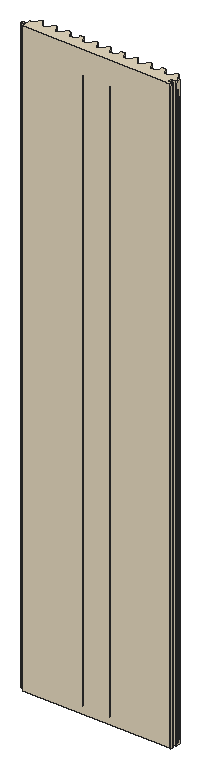
Revit family "HOB_GEN_Symphony_Tempo_10", category Generic Models, Revit 2026
Family settings
  Can host rebar = No
  Round Connector Dimension = Use Diameter
  Part Type = Normal
  Work Plane-Based = No
  Always vertical = Yes
  Cut with Voids When Loaded = No
  Maintain Annotation Orientation = No
  Shared = Yes
  Room Calculation Point = No
Parameters
  SectionArea = 0.002 m²  # constant formula
  Length [instance] = 557.974 mm
  Default Elevation = 0 mm
  BambooVolume [instance] = Length * SectionArea  # 0.00111595 m³
  Bamboo = Bamboo_horizontalGrain
Reference planes
  plane 1 "Center (Front/Back)": y = 0
  plane 2: z = 0
  plane 3 "Center (Left/Right)": x = 0
  plane 4: x = 143.165
  plane 5: y = 15
  plane 6: z = 557.974
Forms (mm)
  Extrusion 1, solid, material "Bamboo_horizontalGrain" <- "Bamboo"
    sketch origin (-141.352, -84.195, 0) x (1, 0, 0) y (0, 1, 0)
      loop
        arc (283.852, 84.195) -> (284.206, 84.341) -> (284.352, 84.695) r 0.5
        line (284.352, 84.695) -> (284.352, 86.195)
        arc (284.352, 86.195) -> (284.206, 86.549) -> (283.852, 86.695) r 0.5
        line (283.852, 86.695) -> (280.852, 86.695)
        arc (280.852, 86.695) -> (280.498, 86.841) -> (280.352, 87.195) r 0.5
        line (280.352, 87.195) -> (280.352, 89.695)
        arc (280.352, 89.695) -> (280.498, 90.049) -> (280.852, 90.195) r 0.5
        line (280.852, 90.195) -> (284.852, 90.195)
        arc (284.852, 90.195) -> (285.206, 90.341) -> (285.352, 90.695) r 0.5
        line (285.352, 90.695) -> (285.352, 93.195)
        arc (285.352, 93.195) -> (284.105, 93.528) -> (283.19, 94.439) r 2.5
        line (283.19, 94.439) -> (281.15, 97.951)
        arc (281.15, 97.951) -> (278.988, 99.195) -> (276.827, 97.951) r 2.5
        line (276.827, 97.951) -> (274.786, 94.439)
        arc (274.786, 94.439) -> (272.625, 93.195) -> (270.463, 94.439) r 2.5
        line (270.463, 94.439) -> (268.423, 97.951)
        arc (268.423, 97.951) -> (266.261, 99.195) -> (264.099, 97.951) r 2.5
        line (264.099, 97.951) -> (262.059, 94.439)
        arc (262.059, 94.439) -> (259.897, 93.195) -> (257.736, 94.439) r 2.5
        line (257.736, 94.439) -> (255.695, 97.951)
        arc (255.695, 97.951) -> (253.534, 99.195) -> (251.372, 97.951) r 2.5
        line (251.372, 97.951) -> (249.332, 94.439)
        arc (249.332, 94.439) -> (247.17, 93.195) -> (245.009, 94.439) r 2.5
        line (245.009, 94.439) -> (242.968, 97.951)
        arc (242.968, 97.951) -> (240.807, 99.195) -> (238.645, 97.951) r 2.5
        line (238.645, 97.951) -> (236.605, 94.439)
        arc (236.605, 94.439) -> (234.443, 93.195) -> (232.281, 94.439) r 2.5
        line (232.281, 94.439) -> (230.241, 97.951)
        arc (230.241, 97.951) -> (228.079, 99.195) -> (225.918, 97.951) r 2.5
        line (225.918, 97.951) -> (223.877, 94.439)
        arc (223.877, 94.439) -> (221.716, 93.195) -> (219.554, 94.439) r 2.5
        line (219.554, 94.439) -> (217.514, 97.951)
        arc (217.514, 97.951) -> (215.352, 99.195) -> (213.19, 97.951) r 2.5
        line (213.19, 97.951) -> (211.15, 94.439)
        arc (211.15, 94.439) -> (208.988, 93.195) -> (206.827, 94.439) r 2.5
        line (206.827, 94.439) -> (204.786, 97.951)
        arc (204.786, 97.951) -> (202.625, 99.195) -> (200.463, 97.951) r 2.5
        line (200.463, 97.951) -> (198.423, 94.439)
        arc (198.423, 94.439) -> (196.261, 93.195) -> (194.099, 94.439) r 2.5
        line (194.099, 94.439) -> (192.059, 97.951)
        arc (192.059, 97.951) -> (189.897, 99.195) -> (187.736, 97.951) r 2.5
        line (187.736, 97.951) -> (185.695, 94.439)
        arc (185.695, 94.439) -> (183.534, 93.195) -> (181.372, 94.439) r 2.5
        line (181.372, 94.439) -> (179.332, 97.951)
        arc (179.332, 97.951) -> (177.17, 99.195) -> (175.009, 97.951) r 2.5
        line (175.009, 97.951) -> (172.968, 94.439)
        arc (172.968, 94.439) -> (170.807, 93.195) -> (168.645, 94.439) r 2.5
        line (168.645, 94.439) -> (166.605, 97.951)
        arc (166.605, 97.951) -> (164.443, 99.195) -> (162.281, 97.951) r 2.5
        line (162.281, 97.951) -> (160.241, 94.439)
        arc (160.241, 94.439) -> (158.079, 93.195) -> (155.918, 94.439) r 2.5
        line (155.918, 94.439) -> (153.877, 97.951)
        arc (153.877, 97.951) -> (151.716, 99.195) -> (149.554, 97.951) r 2.5
        line (149.554, 97.951) -> (147.514, 94.439)
        arc (147.514, 94.439) -> (146.599, 93.528) -> (145.352, 93.195) r 2.5
        line (145.352, 93.195) -> (145.352, 90.195) -> (142.352, 90.195)
        arc (142.352, 90.195) -> (141.645, 89.902) -> (141.352, 89.195) r 1
        line (141.352, 89.195) -> (141.352, 88.195)
        arc (141.352, 88.195) -> (141.645, 87.488) -> (142.352, 87.195) r 1
        line (142.352, 87.195) -> (145.352, 87.195) -> (145.352, 84.695)
        arc (145.352, 84.695) -> (145.498, 84.341) -> (145.852, 84.195) r 0.5
        line (145.852, 84.195) -> (283.852, 84.195)
    from 0 to 557.974
Dimensions and locks
  plane 1 "Center (Front/Back)" to plane 5 = 15 mm
  plane 3 "Center (Left/Right)" to plane 4 = 143.165 mm
  "Length": plane 6 to plane 2
  aligned and locked: level to plane 2
  aligned and locked: plane 6 to Extrusion 1
Automatic sketch dimensions
  Extrusion 1 sketch curve to plane 5 = 11 mm
  Extrusion 1 sketch curve to plane 4 = 143.165 mm
  Extrusion 1 sketch curve to Extrusion 1 sketch curve = 1 mm  (x3)
  Extrusion 1 sketch curve to Extrusion 1 sketch curve = 3 mm  (x3)
  Extrusion 1 sketch curve to Extrusion 1 sketch curve = 0.5 mm  (x5)
  Extrusion 1 sketch curve to plane 5 = 4.756 mm  (x22)
  Extrusion 1 sketch curve to Extrusion 1 sketch curve = 2.162 mm  (x22)
  Extrusion 1 sketch curve to plane 5 = 1.244 mm  (x22)
  Extrusion 1 sketch curve to Extrusion 1 sketch curve = 2.04 mm  (x22)
  Extrusion 1 sketch curve to Extrusion 1 sketch curve = 5.566 mm
  Extrusion 1 sketch curve to Extrusion 1 sketch curve = 0 mm
  Extrusion 1 sketch curve to Extrusion 1 sketch curve = 4 mm
  Extrusion 1 sketch curve to plane 5 = 15 mm
  Extrusion 1 sketch curve to Extrusion 1 sketch curve = 1.5 mm
  Extrusion 1 sketch curve to Extrusion 1 sketch curve = 2.5 mm
  Extrusion 1 sketch curve to Extrusion 1 sketch curve = 1.244 mm  (x2)
  Extrusion 1 sketch curve to Extrusion 1 sketch curve = 1.256 mm  (x21)
